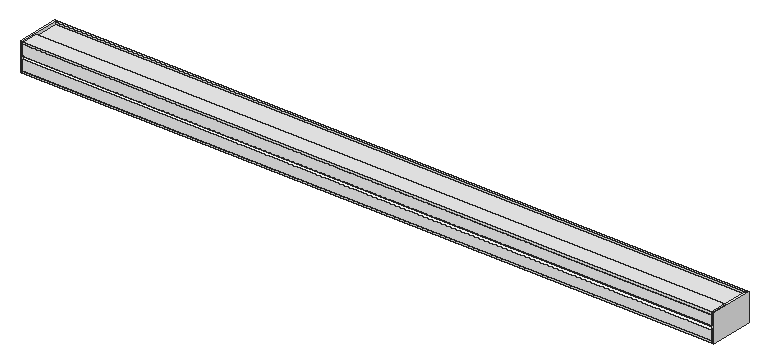
Revit family "4070756+4070747 Feilo Sylvania Lighting Fixture CURSUS 876MM 653LM OVAL LED 4K with SINGLE WALL HOUSING", category Lighting Fixtures, host Face, Revit 2017
Family settings
  Host = Face
  Round Connector Dimension = Use Diameter
  Part Type = Normal
  OmniClass Number = 23.80.70.14
  OmniClass Title = Luminaries for External Lighting
  Cut with Voids When Loaded = Yes
  Light Source = Yes
  Shared = Yes
  Room Calculation Point = No
Parameters (values of type "4070756 CURSUS 876MM 653LM OVAL LED 4K")
  Width_FEILO = 35 mm
  Weight = "1.7 kg"
  Wattage Comments = "n/a"
  Wattage = 13.5 W
  WarrantyStartDate [instance] = "n/a"
  WarrantyGuarantorParts = "n/a"
  WarrantyDurationUnit = "n/a"
  WarrantyDurationParts = "n/a"
  WarrantyDescription = "n/a"
  WallThickness_FEILO = 2.5 mm
  built-in parameter 1150110 = 1 (stored number, unit not read)
  Voltage = 24 V
  URL = "http://www.sylvania-lighting.com"
  TypeName = "CURSUS 876MM 653LM OVAL LED 4K"
  Type Image = <None>
  Type Comments = "n/a"
  built-in parameter 1114217 = 1 (stored number, unit not read)
  Tilt Angle = -90.00°
  built-in parameter 1150109 = 1 (stored number, unit not read)
  built-in parameter 1150134 = 12
  built-in parameter 1150113 = 1 (stored number, unit not read)
  SerialNumber [instance] = "n/a"
  ReflectorMaterial = none
  PowerFactor = 0
  PowerConsumption = "13.5 W"
  Photometric Web File = "4070756.ies"
  NominalLength = 876 mm
  NominalHeight = 50 mm
  NominalDepth = 30 mm
  Name = "CURSUS 876MM 653LM OVAL LED 4K"
  ModelReference = Name  # "CURSUS 876MM 653LM OVAL LED 4K"
  ModelNumber = "4070756"
  Model = Name  # "CURSUS 876MM 653LM OVAL LED 4K"
  Material = "natural anodised extruded aluminium structure housing, optical system with pmma lenses diffuser"
  ManufacturerName = "Feilo Sylvania"
  Manufacturer = "Feilo Sylvania"
  LuminousEfficacy = "48.37 lm/W"
  built-in parameter 1150105 = 894.28 (stored number, unit not read)
  Lumens = 653 lm
  LuminaireType = ""
  built-in parameter 1150115 = 1 (stored number, unit not read)
  LightOutputRatio = "100"
  built-in parameter 1150137 = (empty or 0)
  built-in parameter 1150139 = (empty or 0)
  Length_FEILO = 882 mm
  LampsType = Lamp  # "LED"
  LampNominalLuminous = "653 lm"
  LampMacAdamStep = "n/a"
  LampColourTemperature = "4000 K"
  LampColourRenderingIndex = "80"
  built-in parameter 1150112 = 1 (stored number, unit not read)
  built-in parameter 1150114 = 1 (stored number, unit not read)
  Lamp = "LED"
  Keynote = "16500"
  InstallationDate [instance] = "n/a"
  InputVoltage = "24V DC"
  InputNominalFrequency = "n/a"
  built-in parameter 1150132 = (empty or 0)
  built-in parameter 1150102 = (empty or 0)
  built-in parameter 1150107 = 4000 (stored number, unit not read)
  built-in parameter 1150138 = (empty or 0)
  IngressProtection = "IP67"
  ImpactProtectionIndex = "IK07"
  built-in parameter 1150106 = 8.9428 (stored number, unit not read)
  IfcExportType = "IfcLightFixtureType"
  IfcExportAs = "IfcLightFixtureType"
  ExpectedLife = 50000
  EndCapRight [instance] = yes
  EndCapLeft [instance] = yes
  Emit from Rectangle Width = Width_FEILO - WallThickness_FEILO * 2  # 30 mm
  Emit from Rectangle Length = Length_FEILO - WallThickness_FEILO * 2  # 877 mm
  Emit Shape Visible in Rendering = no
  ElectricShockClassification = "Class III"
  built-in parameter 1150104 = 4.4938 (stored number, unit not read)
  DurationUnit = "hours"
  DocumentationLiterature = "http://www.sylvania-lighting.com/product/en-int/products/4070756"
  DimmingControlOptions = "n/a"
  Dimming Lamp Color Temperature Shift = <None>
  DiffuserMaterial = Diffuser-Sylvania-Glow
  Description = "LED Exterior Lighting Recessed Surface Mounted Linear Fixture, Natural anodised extruded aluminium structure. Die-cast aluminium end caps. Installation kit with harmonic steel springs., 653 lm, 13,5W,  48lm/W, 4000K, CRI80+,non dimmable,IP67, IK07, (HxWxD) 876x50x30mm, 3 step Mac Adam Ellipse, 1.7kg,, Classe III, 21-25V-DC, energy class : A++, A+, A"
  Default Elevation = 1219.2 mm
  CreatedOn = "1/8/2018"
  CreatedBy = ""
  Cost = 0
  Color Filter = 16777215
  built-in parameter 1114216 [instance] = (empty or 0)
  ClassificationValue = "EF_70_80"
  ClassificationName = "Uniclass2015"
  BodyMaterial = Body-Sylvania-Gray
  BarCode [instance] = "n/a"
  built-in parameter 1114218 = 1 (stored number, unit not read)
  built-in parameter 1150133 = 10 (stored number, unit not read)
  AssetType = "Fixed"
  AssetIdentifier [instance] = "n/a"
  Assembly Code = "D5020200"
  Apparent Load = 13.5 VA
  AccessoryMaterial = Diffuser-Sylvania-Glow
Reference planes
  plane 1 "Center (Front/Back)": y = 0
  plane 2: z = 0
  plane 3 "Center (Left/Right)": x = 0
  plane 4: x = 441
  plane 5: x = -441
  plane 6: x = -438.5
  plane 7: x = 438.5
  plane 8: z = 35
  plane 9: z = 17.5
  plane 10: z = 32.5
  plane 11: z = 2.5
  plane 12: z = 30
  plane 13: z = 5
  plane 14: y = -55
  plane 15: y = -53
  plane 16: y = -2.5
  plane 17: y = -37
  plane 18: y = -34.5
Forms (mm)
  Extrusion 1, solid, material "Body-Sylvania-Gray" <- "BodyMaterial"
    sketch origin (0, 0, 0) x (0, 1, 0) y (0, 0, 1)
      loop
        line (0, 35) -> (-2.5, 35) -> (-2.5, 32.5) -> (-34.5, 32.5) -> (-34.5, 35) -> (-55, 35) -> (-55, 32.5) -> (-37, 32.5) -> (-37, 30) -> (-2.5, 30) -> (-2.5, 5) -> (-37, 5) -> (-37, 2.5) -> (-55, 2.5) -> (-55, 0) -> (-34.5, 0) -> (-34.5, 2.5) -> (-2.5, 2.5) -> (-2.5, 0) -> (0, 0) -> (0, 35)
    from -438.5 to 438.5
  Extrusion 2, solid, material "Diffuser-Sylvania-Glow" <- "DiffuserMaterial"
    sketch origin (0, 0, 0) x (0, 1, 0) y (0, 0, 1)
      loop
        line (-37, 32.5) -> (-55, 32.5) -> (-55, 19.5) -> (-53, 17.5) -> (-55, 15.5) -> (-55, 2.5) -> (-37, 2.5) -> (-37, 32.5)
    from -438.5 to 438.5
  Extrusion 3, solid, material "Body-Sylvania-Gray" <- "BodyMaterial", visible <- "EndCapRight"
    sketch origin (438.5, 1524, 1219.2) x (0, 1, 0) y (0, 0, 1)
      loop
        line (-1579, -1184.2) -> (-1579, -1219.2) -> (-1524, -1219.2) -> (-1524, -1184.2) -> (-1579, -1184.2)
    from 0 to 2.5
  Extrusion 4, solid, material "Body-Sylvania-Gray" <- "BodyMaterial", visible <- "EndCapLeft"
    sketch origin (-438.5, 1524, 1219.2) x (0, 1, 0) y (0, 0, 1)
      loop
        line (-1579, -1184.2) -> (-1579, -1219.2) -> (-1524, -1219.2) -> (-1524, -1184.2) -> (-1579, -1184.2)
    from -2.5 to 0
Dimensions and locks
  equal spacing: plane 5, plane 3 "Center (Left/Right)", plane 4
  "Length_FEILO": plane 5 to plane 4
  equal spacing: plane 6, plane 3 "Center (Left/Right)", plane 7
  "WallThickness_FEILO": plane 5 to plane 6
  locked: plane 9 to plane 2 at 17.5
  locked: plane 8 to plane 2 at 35
  equal spacing: plane 11, plane 9, plane 10
  equal spacing: plane 13, plane 9, plane 12
  "WallThickness_FEILO": plane 12 to plane 10
  locked: plane 14 to plane 15 at 2
  locked: plane 14 to plane 17 at 18
  "WallThickness_FEILO": plane 17 to plane 18
  "WallThickness_FEILO": plane 16 to plane 1 "Center (Front/Back)"
  locked: plane 15 to Extrusion 2 sketch curve (angle 45.00°)
  locked: Extrusion 2 sketch curve to plane 15 (angle 45.00°)
  aligned and locked: plane 2 to host face
  aligned and locked: level to host face
  aligned and locked: plane 1 "Center (Front/Back)" to Extrusion 1 sketch curve
  aligned and locked: Extrusion 1 sketch curve to plane 8  (x2)
  aligned and locked: plane 16 to Extrusion 1 sketch curve
  aligned and locked: host face to Extrusion 1 sketch curve
  aligned and locked: Extrusion 1 sketch curve to plane 16  (x2)
  aligned and locked: Extrusion 1 sketch curve to plane 11
  aligned and locked: plane 18 to Extrusion 1 sketch curve
  aligned and locked: level to Extrusion 1 sketch curve
  aligned and locked: plane 11 to Extrusion 1 sketch curve
  aligned and locked: Extrusion 1 sketch curve to plane 17
  aligned and locked: plane 13 to Extrusion 1 sketch curve
  aligned and locked: Extrusion 1 sketch curve to plane 12
  aligned and locked: plane 10 to Extrusion 1 sketch curve  (x2)
  aligned and locked: plane 17 to Extrusion 1 sketch curve  (x2)
  aligned and locked: plane 12 to Extrusion 1 sketch curve
  aligned and locked: Extrusion 1 sketch curve to plane 10
  aligned and locked: Extrusion 1 sketch curve to plane 18
  aligned and locked: plane 7 to Extrusion 1
  aligned and locked: Extrusion 1 to plane 6
  aligned and locked: Extrusion 2 sketch curve to Extrusion 1  (x4)
  aligned and locked: Extrusion 1 to Extrusion 2 sketch curve
  aligned and locked: plane 9 to Extrusion 2 sketch curve
  aligned and locked: plane 7 to Extrusion 2
  aligned and locked: Extrusion 2 to plane 6
  aligned and locked: Extrusion 3 sketch curve to Extrusion 1  (x4)
  aligned and locked: plane 4 to Extrusion 3
  aligned and locked: Extrusion 3 to plane 7
  aligned and locked: Extrusion 4 sketch curve to Extrusion 3  (x3)
  aligned and locked: Extrusion 4 sketch curve to Extrusion 1
  aligned and locked: Extrusion 4 to plane 5
  aligned and locked: plane 6 to Extrusion 4
  aligned and locked: plane 14 to imposter light
  aligned and locked: imposter light to plane 9
  aligned and locked: plane 3 "Center (Left/Right)" to imposter light
Automatic sketch dimensions
  host sketch curve to host sketch curve = 2438.4 mm  (x2)
  Extrusion 1 sketch curve to plane 14 = 0 mm  (x2)
  Extrusion 2 sketch curve to plane 15 = 0 mm
Connectors
  electrical at (0, 0, 0), driven by "Apparent Load", driven by "PowerFactor", driven by "Voltage"
    settings: index 1, voltage 24 V, apparent load 13.5 VA, apparent load phase1 0 VA, apparent load phase2 0 VA, apparent load phase3 0 VA, power factor 0, load classification "Lighting", number of poles 1, system type 30, power factor state 1, is connector primary yes, connector utility no, sub classification motor no, connector description ""
